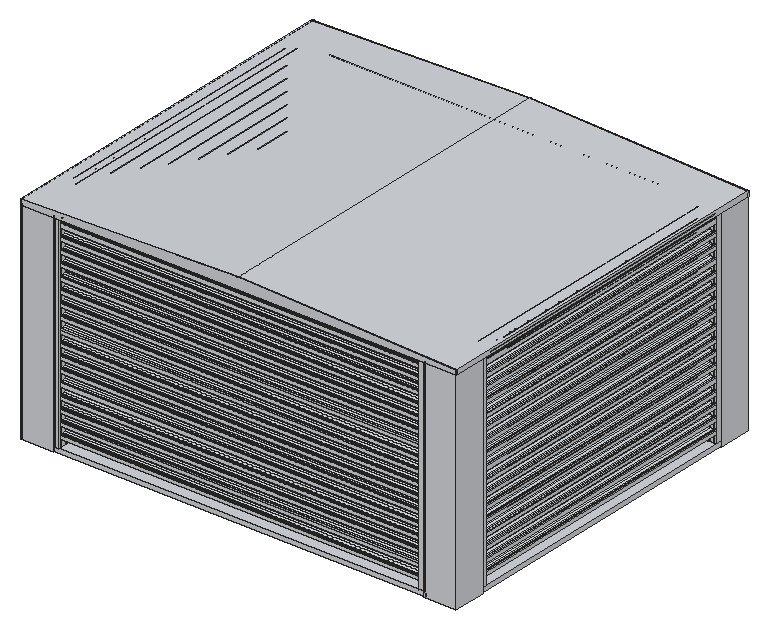
Revit family "PSED-5.1", category Mechanical Equipment, Revit 2015 (continued)
Definition of nested family "DCSED-5.1"
  Definition of nested family "DC BLADE"
    Automatic sketch dimensions
      Extrusion 1 sketch curve to Extrusion 1 sketch curve = 0' - 0.17293"
      Extrusion 1 sketch curve to Extrusion 1 sketch curve = 0' - 0.02468"
      Extrusion 1 sketch curve to Extrusion 1 sketch curve = 0' - 0.11992"
      Extrusion 1 sketch curve to Extrusion 1 sketch curve = 0' - 0.09788"
      Extrusion 1 sketch curve to Extrusion 1 sketch curve = 0' - 0.0923"
      Extrusion 1 sketch curve to Extrusion 1 sketch curve = 0' - 0.03547"
      Extrusion 1 sketch curve to Extrusion 1 sketch curve = 0' - 0.01973"
      Extrusion 1 sketch curve to Extrusion 1 sketch curve = 0' - 0.11788"
      Extrusion 1 sketch curve to Extrusion 1 sketch curve = 0' - 0.00009"
      Extrusion 1 sketch curve to Extrusion 1 sketch curve = 0' - 0.05121"
      Extrusion 1 sketch curve to Extrusion 1 sketch curve = 0' - 0.3683"
      Extrusion 1 sketch curve to Extrusion 1 sketch curve = 0' - 0.10565"
      Extrusion 1 sketch curve to Extrusion 1 sketch curve = 0' - 0.03041"
      Extrusion 1 sketch curve to Extrusion 1 sketch curve = 0' - 0.13789"
      Extrusion 1 sketch curve to Extrusion 1 sketch curve = 0' - 0.03719"
      Extrusion 1 sketch curve to Extrusion 1 sketch curve = 0' - 0.01793"
      Extrusion 1 sketch curve to Extrusion 1 sketch curve = 0' - 0.04202"  (x2)
      Extrusion 1 sketch curve to Extrusion 1 sketch curve = 0' - 0.00338"
      Extrusion 1 sketch curve to Extrusion 1 sketch curve = 0' - 0.07761"
      Extrusion 1 sketch curve to Extrusion 1 sketch curve = 0' - 0.0691"
      Extrusion 1 sketch curve to Extrusion 1 sketch curve = 0' - 0.04044"
      Extrusion 1 sketch curve to Extrusion 1 sketch curve = 0' - 0.03722"
      Extrusion 1 sketch curve to Extrusion 1 sketch curve = 0' - 0.01207"
      Extrusion 1 sketch curve to Extrusion 1 sketch curve = 0' - 0.32353"
      Extrusion 1 sketch curve to Extrusion 1 sketch curve = 0' - 0.02122"
      Extrusion 1 sketch curve to Extrusion 1 sketch curve = 0' - 0.13103"
      Extrusion 1 sketch curve to Extrusion 1 sketch curve = 0' - 0.02197"
      Extrusion 1 sketch curve to Extrusion 1 sketch curve = 0' - 0.07786"
      Extrusion 1 sketch curve to Extrusion 1 sketch curve = 0' - 0.03647"
      Extrusion 1 sketch curve to Extrusion 1 sketch curve = 0' - 0.08038"
      Extrusion 1 sketch curve to Extrusion 1 sketch curve = 0' - 0.02795"
      Extrusion 1 sketch curve to Extrusion 1 sketch curve = 0' - 0.0018"
      Extrusion 1 sketch curve to Extrusion 1 sketch curve = 0' - 0.341"
      Extrusion 1 sketch curve to Extrusion 1 sketch curve = 0' - 0.03828"
      Extrusion 1 sketch curve to Extrusion 1 sketch curve = 0' - 0.03211"
      Extrusion 1 sketch curve to Extrusion 1 sketch curve = 0' - 0.02675"
      Extrusion 1 sketch curve to Extrusion 1 sketch curve = 0' - 0.01461"
      level to Extrusion 1 sketch curve = 0' - 4.85934"
      Extrusion 1 sketch curve to Extrusion 1 sketch curve = 0' - 0.09853"
      Extrusion 1 sketch curve to Extrusion 1 sketch curve = 0' - 0.10686"
      Extrusion 1 sketch curve to Extrusion 1 sketch curve = 0' - 0.24721"
      Extrusion 1 sketch curve to Extrusion 1 sketch curve = 0' - 0.0083"
      Extrusion 1 sketch curve to Extrusion 1 sketch curve = 0' - 0.06553"
      Extrusion 1 sketch curve to Extrusion 1 sketch curve = 0' - 0.12789"
      Extrusion 1 sketch curve to Extrusion 1 sketch curve = 0' - 0.04532"
      Extrusion 1 sketch curve to Extrusion 1 sketch curve = 0' - 0.11554"
      Extrusion 1 sketch curve to Extrusion 1 sketch curve = 0' - 0.32324"
      Extrusion 1 sketch curve to Extrusion 1 sketch curve = 0' - 0.07827"
      Extrusion 1 sketch curve to Extrusion 1 sketch curve = 0' - 0.09271"
      Extrusion 1 sketch curve to Extrusion 1 sketch curve = 0' - 0.082"
      Extrusion 1 sketch curve to Extrusion 1 sketch curve = 0' - 0.18604"
      Extrusion 1 sketch curve to Extrusion 1 sketch curve = 0' - 0.08739"
      Extrusion 1 sketch curve to Extrusion 1 sketch curve = 0' - 0.10382"
      Extrusion 1 sketch curve to Extrusion 1 sketch curve = 0' - 0.07497"
      Extrusion 1 sketch curve to Extrusion 1 sketch curve = 0' - 0.14729"
      Extrusion 1 sketch curve to Extrusion 1 sketch curve = 0' - 0.14321"
      Extrusion 1 sketch curve to Extrusion 1 sketch curve = 0' - 0.0174"
      Extrusion 1 sketch curve to Extrusion 1 sketch curve = 0' - 0.03799"
      Extrusion 1 sketch curve to Extrusion 1 sketch curve = 0' - 0.04246"
      Extrusion 1 sketch curve to Extrusion 1 sketch curve = 0' - 0.05344"
      Extrusion 1 sketch curve to Extrusion 1 sketch curve = 0' - 0.06105"
      Extrusion 1 sketch curve to Extrusion 1 sketch curve = 0' - 0.04853"
      Extrusion 1 sketch curve to Extrusion 1 sketch curve = 0' - 0.04028"
      Extrusion 1 sketch curve to Extrusion 1 sketch curve = 0' - 0.24142"
      Extrusion 1 sketch curve to Extrusion 1 sketch curve = 0' - 0.1056"
      Extrusion 1 sketch curve to Extrusion 1 sketch curve = 0' - 0.06436"
      Extrusion 1 sketch curve to Extrusion 1 sketch curve = 0' - 0.02623"
      Extrusion 1 sketch curve to Extrusion 1 sketch curve = 0' - 0.03981"
      Extrusion 1 sketch curve to Extrusion 1 sketch curve = 0' - 0.04596"
      Extrusion 1 sketch curve to Extrusion 1 sketch curve = 0' - 0.02542"
      Extrusion 1 sketch curve to Extrusion 1 sketch curve = 0' - 0.06773"
      Extrusion 1 sketch curve to Extrusion 1 sketch curve = 0' - 0.10852"
      Extrusion 1 sketch curve to Extrusion 1 sketch curve = 0' - 0.02147"
      Extrusion 1 sketch curve to Extrusion 1 sketch curve = 0' - 0.05443"
      Extrusion 1 sketch curve to Extrusion 1 sketch curve = 0' - 0.06656"
      Extrusion 1 sketch curve to Extrusion 1 sketch curve = 0' - 0.06388"
      Extrusion 1 sketch curve to Extrusion 1 sketch curve = 0' - 0.1049"
      Extrusion 1 sketch curve to Extrusion 1 sketch curve = 0' - 0.05759"
      Extrusion 1 sketch curve to Extrusion 1 sketch curve = 0' - 0.06096"
      Extrusion 1 sketch curve to Extrusion 1 sketch curve = 0' - 0.04978"
      Extrusion 1 sketch curve to Extrusion 1 sketch curve = 0' - 0.09274"
      Extrusion 1 sketch curve to Extrusion 1 sketch curve = 0' - 0.05455"
      Extrusion 1 sketch curve to Extrusion 1 sketch curve = 0' - 0.04394"
      Extrusion 1 sketch curve to Extrusion 1 sketch curve = 0' - 0.04181"
      Extrusion 1 sketch curve to Extrusion 1 sketch curve = 0' - 0.0785"
      Extrusion 1 sketch curve to Extrusion 1 sketch curve = 0' - 0.11783"
      Extrusion 1 sketch curve to Extrusion 1 sketch curve = 0' - 0.06294"
      Extrusion 1 sketch curve to Extrusion 1 sketch curve = 0' - 0.08507"
      Extrusion 1 sketch curve to Extrusion 1 sketch curve = 0' - 0.03276"
      Extrusion 1 sketch curve to Extrusion 1 sketch curve = 0' - 0.03771"
      Extrusion 1 sketch curve to Extrusion 1 sketch curve = 0' - 0.17749"
      Extrusion 1 sketch curve to Extrusion 1 sketch curve = 0' - 0.06003"
      Extrusion 1 sketch curve to Extrusion 1 sketch curve = 0' - 0.04094"
      Extrusion 1 sketch curve to Extrusion 1 sketch curve = 0' - 0.05884"
      Extrusion 1 sketch curve to Extrusion 1 sketch curve = 0' - 0.07715"
      Extrusion 1 sketch curve to Extrusion 1 sketch curve = 0' - 0.07593"
      Extrusion 1 sketch curve to Extrusion 1 sketch curve = 0' - 0.03889"
      Extrusion 1 sketch curve to Extrusion 1 sketch curve = 0' - 0.04691"
      Extrusion 1 sketch curve to Extrusion 1 sketch curve = 0' - 0.05466"
      Extrusion 1 sketch curve to Extrusion 1 sketch curve = 0' - 0.02391"
      Extrusion 1 sketch curve to Extrusion 1 sketch curve = 0' - 0.00698"
      Extrusion 1 sketch curve to Extrusion 1 sketch curve = 0' - 0.07687"
      Extrusion 1 sketch curve to Extrusion 1 sketch curve = 0' - 0.09859"
      Extrusion 1 sketch curve to Extrusion 1 sketch curve = 0' - 0.10619"
      Extrusion 1 sketch curve to Extrusion 1 sketch curve = 0' - 0.01816"
      Extrusion 1 sketch curve to Extrusion 1 sketch curve = 0' - 0.02302"
      Extrusion 1 sketch curve to Extrusion 1 sketch curve = 0' - 0.08945"
      Extrusion 1 sketch curve to Extrusion 1 sketch curve = 0' - 0.01764"
      Extrusion 1 sketch curve to Extrusion 1 sketch curve = 0' - 0.07939"
      Extrusion 1 sketch curve to Extrusion 1 sketch curve = 0' - 0.03604"
      Extrusion 1 sketch curve to Extrusion 1 sketch curve = 0' - 0.05358"
      Extrusion 1 sketch curve to Extrusion 1 sketch curve = 0' - 0.19234"
      Extrusion 1 sketch curve to Extrusion 1 sketch curve = 0' - 0.02932"
      Extrusion 1 sketch curve to Extrusion 1 sketch curve = 0' - 0.11881"
      Extrusion 1 sketch curve to Extrusion 1 sketch curve = 0' - 0.1392"
      Extrusion 1 sketch curve to Extrusion 1 sketch curve = 0' - 0.03017"
      Extrusion 1 sketch curve to Extrusion 1 sketch curve = 0' - 0.40489"
      Extrusion 1 sketch curve to Extrusion 1 sketch curve = 0' - 0.07588"
      Extrusion 1 sketch curve to Extrusion 1 sketch curve = 0' - 0.08997"
      Extrusion 1 sketch curve to Extrusion 1 sketch curve = 0' - 0.06434"
      Extrusion 1 sketch curve to Extrusion 1 sketch curve = 0' - 0.07871"
      Extrusion 1 sketch curve to Extrusion 1 sketch curve = 0' - 0.0549"
      Extrusion 1 sketch curve to Extrusion 1 sketch curve = 0' - 0.04301"
      Extrusion 1 sketch curve to Extrusion 1 sketch curve = 0' - 0.07188"
      Extrusion 1 sketch curve to Extrusion 1 sketch curve = 0' - 0.0457"
      Extrusion 1 sketch curve to Extrusion 1 sketch curve = 0' - 0.04891"
      Extrusion 1 sketch curve to Extrusion 1 sketch curve = 0' - 0.03817"
      Extrusion 1 sketch curve to Extrusion 1 sketch curve = 0' - 0.00942"
      Extrusion 1 sketch curve to Extrusion 1 sketch curve = 0' - 0.05396"
      Extrusion 1 sketch curve to Extrusion 1 sketch curve = 0' - 0.05738"
      Extrusion 1 sketch curve to Extrusion 1 sketch curve = 0' - 0.08863"
      Extrusion 1 sketch curve to Extrusion 1 sketch curve = 0' - 0.07822"
Definition of nested family "Louver 2"
  Parameters (values of type "Louver 2")
    URL = "http://unitedenertech.com/catalog/pdf/A_23%20DCSED-5.1.pdf"
    Type Comments = "Max. Single Section Size is (72\"w x 120\"h up to 60psf) and (72\"w x 84\"h up to 150 psf)"
    Model = "DCSED-5.1"
    Manufacturer = "United Enertech Corporation"
    Exact Width = 4' - 0"
    Exact Height = 4' - 0"
    Description = "5\" Deep Wind Driven Rain Hurricane Louver"
    Depth = 0' - 5 3/32"
    Blade Spacing = 0' - 2"
    Blade Number [instance] = rounddown((Exact Height - 0' 2 7/16") / 0' 2")  # 22
    BW [instance] = Exact Width - 0' 2 1/8"  # 3' - 9 7/8"
  Reference planes (in)
    plane 1 "Center (Front/Back)": y = 0
    plane 2: z = 0
    plane 3 "Center (Left/Right)": x = 0
    plane 4: x = -24
    plane 5: x = 24
    plane 6: z = 48
    plane 7: x = -22.9375
    plane 8: x = 22.9375
    plane 9: z = 0.75
    plane 10: y = 5.09375
    plane 11: z = 46.3209
  Forms (in)
    Extrusion 1, solid
      sketch origin (-6.10759, 42.81218, 0) x (0, 1, 0) y (-1, 0, 0)
        loop
          line (-42.73018, 16.79991) -> (-42.73018, 17.54241) -> (-42.48018, 17.54241) -> (-42.48018, 16.82996) -> (-42.41736, 16.82996) -> (-42.41736, 17.15416) -> (-42.24218, 17.15416) -> (-42.24218, 16.82991) -> (-41.47643, 16.82991) -> (-41.47643, 17.15405) -> (-41.32043, 17.15405) -> (-41.32043, 16.82976) -> (-41.25793, 16.82976) -> (-41.25793, 17.15405) -> (-41.10193, 17.15405) -> (-41.10193, 16.82976) -> (-41.03943, 16.82976) -> (-41.03943, 17.15405) -> (-40.88343, 17.15405) -> (-40.88343, 16.82976) -> (-40.82093, 16.82976) -> (-40.82093, 17.15405) -> (-40.66493, 17.15405) -> (-40.66493, 16.82976) -> (-40.60243, 16.82976) -> (-40.60243, 17.15405) -> (-40.44643, 17.15405) -> (-40.44643, 16.82976) -> (-40.38393, 16.82976) -> (-40.38393, 17.15405) -> (-40.22793, 17.15405) -> (-40.22793, 16.82976) -> (-40.16543, 16.82976) -> (-40.16543, 17.15405) -> (-40.00943, 17.15405) -> (-40.00943, 16.82976) -> (-39.94693, 16.82976) -> (-39.94693, 17.15405) -> (-39.79093, 17.15405) -> (-39.79093, 16.82976) -> (-39.72843, 16.82976) -> (-39.72843, 17.15405) -> (-39.57243, 17.15405) -> (-39.57243, 16.82976) -> (-39.50993, 16.82976) -> (-39.50993, 17.15405) -> (-39.35393, 17.15405) -> (-39.35393, 16.82976) -> (-39.29143, 16.82976) -> (-39.29143, 17.15405) -> (-39.13543, 17.15405) -> (-39.13543, 16.82991) -> (-38.36968, 16.82991) -> (-38.36968, 17.15416) -> (-38.19449, 17.15416) -> (-38.19449, 16.82996) -> (-38.13168, 16.82996) -> (-38.13168, 17.15416) -> (-37.88918, 17.15416) -> (-37.88918, 16.79991) -> (-37.80718, 16.79991) -> (-37.80718, 17.89241) -> (-37.99468, 17.89241) -> (-37.99468, 17.81041) -> (-37.88918, 17.81041) -> (-37.88918, 17.23616) -> (-38.45168, 17.23616) -> (-38.45168, 16.9118) -> (-39.05343, 16.9118) -> (-39.05343, 17.23605) -> (-41.55843, 17.23605) -> (-41.55843, 16.91191) -> (-42.16018, 16.91191) -> (-42.16018, 17.23616) -> (-42.39818, 17.23616) -> (-42.39818, 17.54241) -> (-42.23018, 17.54241) -> (-42.23018, 17.86241) -> (-42.31218, 17.86241) -> (-42.31218, 17.79341) -> (-42.37318, 17.79341) -> (-42.37318, 17.71241) -> (-42.31218, 17.71241) -> (-42.31218, 17.62441) -> (-42.70918, 17.62441) -> (-42.70918, 17.71241) -> (-42.59618, 17.71241) -> (-42.59618, 17.79341) -> (-42.81218, 17.79341) -> (-42.81218, 16.79991) -> (-42.73018, 16.79991)
      from 0.75 to 48
    Extrusion 2, solid
      sketch origin (6.10759, 42.81218, 0) x (0, 1, 0) y (-1, 0, 0)
        loop
          line (-42.73018, -16.79991) -> (-42.81218, -16.79991) -> (-42.81218, -17.79341) -> (-42.59618, -17.79341) -> (-42.59618, -17.71241) -> (-42.70918, -17.71241) -> (-42.70918, -17.62441) -> (-42.31218, -17.62441) -> (-42.31218, -17.71241) -> (-42.37318, -17.71241) -> (-42.37318, -17.79341) -> (-42.31218, -17.79341) -> (-42.31218, -17.86241) -> (-42.23018, -17.86241) -> (-42.23018, -17.54241) -> (-42.39818, -17.54241) -> (-42.39818, -17.23616) -> (-42.16018, -17.23616) -> (-42.16018, -16.91191) -> (-41.55843, -16.91191) -> (-41.55843, -17.23605) -> (-39.05343, -17.23605) -> (-39.05343, -16.9118) -> (-38.45168, -16.9118) -> (-38.45168, -17.23616) -> (-37.88918, -17.23616) -> (-37.88918, -17.81041) -> (-37.99468, -17.81041) -> (-37.99468, -17.89241) -> (-37.80718, -17.89241) -> (-37.80718, -16.79991) -> (-37.88918, -16.79991) -> (-37.88918, -17.15416) -> (-38.13168, -17.15416) -> (-38.13168, -16.82996) -> (-38.19449, -16.82996) -> (-38.19449, -17.15416) -> (-38.36968, -17.15416) -> (-38.36968, -16.82991) -> (-39.13543, -16.82991) -> (-39.13543, -17.15405) -> (-39.29143, -17.15405) -> (-39.29143, -16.82976) -> (-39.35393, -16.82976) -> (-39.35393, -17.15405) -> (-39.50993, -17.15405) -> (-39.50993, -16.82976) -> (-39.57243, -16.82976) -> (-39.57243, -17.15405) -> (-39.72843, -17.15405) -> (-39.72843, -16.82976) -> (-39.79093, -16.82976) -> (-39.79093, -17.15405) -> (-39.94693, -17.15405) -> (-39.94693, -16.82976) -> (-40.00943, -16.82976) -> (-40.00943, -17.15405) -> (-40.16543, -17.15405) -> (-40.16543, -16.82976) -> (-40.22793, -16.82976) -> (-40.22793, -17.15405) -> (-40.38393, -17.15405) -> (-40.38393, -16.82976) -> (-40.44643, -16.82976) -> (-40.44643, -17.15405) -> (-40.60243, -17.15405) -> (-40.60243, -16.82976) -> (-40.66493, -16.82976) -> (-40.66493, -17.15405) -> (-40.82093, -17.15405) -> (-40.82093, -16.82976) -> (-40.88343, -16.82976) -> (-40.88343, -17.15405) -> (-41.03943, -17.15405) -> (-41.03943, -16.82976) -> (-41.10193, -16.82976) -> (-41.10193, -17.15405) -> (-41.25793, -17.15405) -> (-41.25793, -16.82976) -> (-41.32043, -16.82976) -> (-41.32043, -17.15405) -> (-41.47643, -17.15405) -> (-41.47643, -16.82991) -> (-42.24218, -16.82991) -> (-42.24218, -17.15416) -> (-42.41736, -17.15416) -> (-42.41736, -16.82996) -> (-42.48018, -16.82996) -> (-42.48018, -17.54241) -> (-42.73018, -17.54241) -> (-42.73018, -16.79991)
      from 0.75 to 48
    Extrusion 3, solid
      sketch origin (-26.58389, 42.58326, -5.10848) x (0, 1, 0) y (0, 0, 1)
        loop
          line (-37.48951, 8.10848) -> (-37.57151, 8.10848) -> (-37.57151, 5.85848) -> (-42.58326, 5.85848) -> (-42.58326, 5.17748) -> (-42.36726, 5.17748) -> (-42.36726, 5.25848) -> (-42.48026, 5.25848) -> (-42.48026, 5.34648) -> (-42.08326, 5.34648) -> (-42.08326, 5.25848) -> (-42.14426, 5.25848) -> (-42.14426, 5.17748) -> (-42.08326, 5.17748) -> (-42.08326, 5.10848) -> (-42.00126, 5.10848) -> (-42.00126, 5.42848) -> (-42.50126, 5.42848) -> (-42.50126, 5.77648) -> (-37.57151, 5.77648) -> (-37.57151, 5.19048) -> (-37.67701, 5.19048) -> (-37.67701, 5.10848) -> (-37.48951, 5.10848) -> (-37.48951, 8.10848)
      from 2.58389 to 50.58389
    Extrusion 4, solid
      sketch origin (0, -13.03373, 11.15188) x (0, 1, 0) y (0, 0, 1)
        loop
          line (18.04373, 36.84812) -> (17.85623, 36.84812) -> (17.85623, 36.76612) -> (17.96173, 36.76612) -> (17.96173, 35.47325) -> (17.77373, 35.47325) -> (17.28829, 35.75352) -> (17.32598, 35.84449) -> (17.31816, 35.93867) -> (17.26214, 36.00955) -> (17.19338, 36.03718) -> (17.09685, 36.02726) -> (16.90034, 36.18916) -> (16.41745, 36.34694) -> (16.33346, 36.42566) -> (16.21476, 36.52271) -> (16.07706, 36.59693) -> (15.95515, 36.63717) -> (15.83232, 36.65736) -> (15.72266, 36.65736) -> (15.60371, 36.64471) -> (15.4419, 36.59444) -> (15.26243, 36.48818) -> (15.15395, 36.38606) -> (15.03667, 36.25948) -> (14.84451, 36.09187) -> (14.62609, 35.94632) -> (14.56692, 35.92725) -> (14.53085, 35.93806) -> (14.45628, 35.98636) -> (14.31943, 36.05146) -> (14.18483, 36.09021) -> (14.04052, 36.10764) -> (13.86091, 36.10909) -> (13.69791, 36.14893) -> (13.52458, 36.24785) -> (13.39263, 36.38824) -> (13.31585, 36.52721) -> (13.80323, 36.52721) -> (13.80323, 36.84812) -> (13.72123, 36.84812) -> (13.72123, 36.77912) -> (13.66023, 36.77912) -> (13.66023, 36.69812) -> (13.72123, 36.69812) -> (13.72123, 36.61012) -> (13.32423, 36.61012) -> (13.32423, 36.69812) -> (13.43723, 36.69812) -> (13.43723, 36.77912) -> (13.22123, 36.77912) -> (13.22274, 36.55749) -> (13.26662, 36.44391) -> (13.35293, 36.30588) -> (13.47394, 36.18487) -> (13.62086, 36.09374) -> (13.79539, 36.03718) -> (13.95094, 36.02408) -> (14.12475, 36.01858) -> (14.30814, 35.96896) -> (14.43077, 35.90522) -> (14.4574, 35.8591) -> (14.24043, 35.77558) -> (14.05378, 35.70179) -> (13.85981, 35.60044) -> (13.67722, 35.47787) -> (13.51638, 35.34274) -> (13.36799, 35.18846) -> (13.30323, 35.11064) -> (13.30323, 35.64958) -> (13.32536, 35.68828) -> (13.35306, 35.71598) -> (13.30144, 35.7676) -> (13.25438, 35.73327) -> (13.22445, 35.68945) -> (13.22123, 35.57979) -> (13.22123, 34.86262) -> (13.42117, 35.12451) -> (13.59406, 35.2974) -> (13.77486, 35.44764) -> (13.92166, 35.54165) -> (14.0716, 35.61913) -> (14.24521, 35.69049) -> (14.60078, 35.83874) -> (14.85128, 35.99466) -> (15.07703, 36.18422) -> (15.29772, 36.41136) -> (15.51284, 36.53438) -> (15.68029, 36.57374) -> (15.82472, 36.57374) -> (16.0149, 36.53332) -> (16.1814, 36.44617) -> (16.30258, 36.33942) -> (16.36963, 36.27237) -> (16.85685, 36.11691) -> (17.10123, 35.91624) -> (17.15415, 35.95536) -> (17.2276, 35.93124) -> (17.24552, 35.86049) -> (17.21227, 35.81355) -> (17.16249, 35.78481) -> (17.19159, 35.71467) -> (17.75249, 35.39083) -> (17.96173, 35.39083) -> (17.96173, 35.069) -> (17.61878, 35.1609) -> (17.59731, 35.08077) -> (18.04373, 34.96115) -> (18.04373, 36.84812)
      from -22.9375 to 22.9375
  Dimensions and locks (in)
    equal spacing: plane 4, plane 3 "Center (Left/Right)", plane 5
    "Exact Width": plane 4 to plane 5
    "Exact Height": plane 6 to level
    locked: plane 4 to plane 7 at 1.0625
    locked: plane 8 to plane 5 at 1.0625
    locked: plane 9 to level at 0.75
    "Depth": plane 1 "Center (Front/Back)" to plane 10
    locked: plane 6 to plane 11 at 1.6791
    equal spacing: group 1, group 2, group 3, group 4, group 5, group 6, group 7, group 8, group 9, group 10, group 11, group 12, group 13, group 14, group 15, group 16, group 17, group 18, group 19, group 20, group 21, group 22  (x2)
    equal spacing: group 22, group 21, group 20, group 19, group 18, group 17, group 16, group 15, group 14, group 13, group 12, group 11, group 10, group 9, group 8, group 7, group 6, group 5, group 4, group 3, group 2, group 1
    "Blade Spacing": nested 1 to nested 2
    aligned and locked: level to plane 2
    aligned and locked: Extrusion 1 to plane 9
    aligned and locked: Extrusion 2 to plane 9
    aligned and locked: plane 5 to Extrusion 3
    aligned and locked: plane 4 to Extrusion 3
    aligned and locked: plane 6 to Extrusion 4
    aligned and locked: Extrusion 4 to plane 7
    aligned and locked: plane 8 to Extrusion 4
    aligned and locked: plane 6 to Extrusion 1
    aligned and locked: plane 6 to Extrusion 2
    aligned and locked: plane 3 "Center (Left/Right)" to nested 1
    aligned and locked: plane 11 to nested 1
    aligned and locked: nested 2 to nested 1
  Automatic sketch dimensions
    plane 1 "Center (Front/Back)" to Extrusion 1 sketch curve = 0' - 0"
    Extrusion 1 sketch curve to plane 4 = 0' - 0"
    Extrusion 1 sketch curve to plane 1 "Center (Front/Back)" = 0' - 0.082"
    Extrusion 1 sketch curve to Extrusion 1 sketch curve = 0' - 0.021"
    Extrusion 1 sketch curve to Extrusion 1 sketch curve = 0' - 0.113"
    Extrusion 1 sketch curve to Extrusion 1 sketch curve = 0' - 0.116"
    Extrusion 1 sketch curve to Extrusion 1 sketch curve = 0' - 0.06281"  (x2)
    Extrusion 1 sketch curve to Extrusion 1 sketch curve = 0' - 0.082"  (x14)
    Extrusion 1 sketch curve to plane 4 = 0' - 0.099"  (x2)
    Extrusion 1 sketch curve to Extrusion 1 sketch curve = 0' - 0.223"
    Extrusion 1 sketch curve to plane 4 = 0' - 0.03"
    Extrusion 1 sketch curve to Extrusion 1 sketch curve = 0' - 0.061"  (x2)
    Extrusion 1 sketch curve to Extrusion 1 sketch curve = 0' - 0.17519"  (x2)
    Extrusion 1 sketch curve to Extrusion 1 sketch curve = 0' - 0.60175"  (x2)
    Extrusion 1 sketch curve to Extrusion 1 sketch curve = 0' - 0.156"  (x11)
    Extrusion 1 sketch curve to Extrusion 1 sketch curve = 0' - 0 1/16"  (x10)
    Extrusion 1 sketch curve to plane 4 = 0' - 0.082"
    Extrusion 1 sketch curve to Extrusion 1 sketch curve = 0' - 0.137"
    Extrusion 1 sketch curve to Extrusion 1 sketch curve = 0' - 0.2425"
    Extrusion 1 sketch curve to Extrusion 1 sketch curve = 0' - 0"  (x19)
    Extrusion 1 sketch curve to Extrusion 1 sketch curve = 0' - 0.081"  (x2)
    Extrusion 1 sketch curve to Extrusion 1 sketch curve = 0' - 0.088"
    Extrusion 1 sketch curve to Extrusion 1 sketch curve = 0' - 0.30625"
    Extrusion 1 sketch curve to plane 4 = 0' - 0 21/32"
    Extrusion 1 sketch curve to Extrusion 1 sketch curve = 0' - 0.00012"
    Extrusion 1 sketch curve to Extrusion 1 sketch curve = 0' - 0.24225"
    Extrusion 1 sketch curve to Extrusion 1 sketch curve = 0' - 0.24237"
    Extrusion 1 sketch curve to Extrusion 1 sketch curve = 0' - 0 83/256"
    Extrusion 1 sketch curve to Extrusion 1 sketch curve = 0' - 0.08195"
    Extrusion 1 sketch curve to Extrusion 1 sketch curve = 0' - 0.08188"
    Extrusion 1 sketch curve to Extrusion 1 sketch curve = 0' - 0.32429"
    Extrusion 1 sketch curve to Extrusion 1 sketch curve = 0' - 0.00016"
    Extrusion 1 sketch curve to Extrusion 1 sketch curve = 0' - 0.03005"  (x2)
    plane 1 "Center (Front/Back)" to Extrusion 2 sketch curve = 0' - 0"
    Extrusion 2 sketch curve to plane 5 = 0' - 0"
    plane 1 "Center (Front/Back)" to Extrusion 2 sketch curve = 0' - 0.082"
    Extrusion 2 sketch curve to Extrusion 2 sketch curve = 0' - 0.021"
    Extrusion 2 sketch curve to Extrusion 2 sketch curve = 0' - 0.113"
    Extrusion 2 sketch curve to Extrusion 2 sketch curve = 0' - 0.116"
    Extrusion 2 sketch curve to Extrusion 2 sketch curve = 0' - 0.06281"  (x2)
    Extrusion 2 sketch curve to Extrusion 2 sketch curve = 0' - 0.082"  (x14)
    plane 5 to Extrusion 2 sketch curve = 0' - 0.099"  (x2)
    Extrusion 2 sketch curve to Extrusion 2 sketch curve = 0' - 0.223"
    plane 5 to Extrusion 2 sketch curve = 0' - 0.03"
    Extrusion 2 sketch curve to Extrusion 2 sketch curve = 0' - 0.061"  (x2)
    Extrusion 2 sketch curve to Extrusion 2 sketch curve = 0' - 0.17519"  (x2)
    Extrusion 2 sketch curve to Extrusion 2 sketch curve = 0' - 0.60175"  (x2)
    Extrusion 2 sketch curve to Extrusion 2 sketch curve = 0' - 0.156"  (x11)
    Extrusion 2 sketch curve to Extrusion 2 sketch curve = 0' - 0 1/16"  (x10)
    plane 5 to Extrusion 2 sketch curve = 0' - 0.082"
    Extrusion 2 sketch curve to Extrusion 2 sketch curve = 0' - 0.137"
    Extrusion 2 sketch curve to Extrusion 2 sketch curve = 0' - 0.2425"
    Extrusion 2 sketch curve to Extrusion 2 sketch curve = 0' - 0"  (x19)
    Extrusion 2 sketch curve to Extrusion 2 sketch curve = 0' - 0.081"  (x2)
    Extrusion 2 sketch curve to Extrusion 2 sketch curve = 0' - 0.088"
    Extrusion 2 sketch curve to Extrusion 2 sketch curve = 0' - 0.30625"
    plane 5 to Extrusion 2 sketch curve = 0' - 0 21/32"
    Extrusion 2 sketch curve to Extrusion 2 sketch curve = 0' - 0.00012"
    Extrusion 2 sketch curve to Extrusion 2 sketch curve = 0' - 0.24225"
    Extrusion 2 sketch curve to Extrusion 2 sketch curve = 0' - 0.24237"
    Extrusion 2 sketch curve to Extrusion 2 sketch curve = 0' - 0 83/256"
    Extrusion 2 sketch curve to Extrusion 2 sketch curve = 0' - 0.08195"
    Extrusion 2 sketch curve to Extrusion 2 sketch curve = 0' - 0.08188"
    Extrusion 2 sketch curve to Extrusion 2 sketch curve = 0' - 0.32429"
    Extrusion 2 sketch curve to Extrusion 2 sketch curve = 0' - 0.00016"
    Extrusion 2 sketch curve to Extrusion 2 sketch curve = 0' - 0.03005"  (x2)
    Extrusion 3 sketch curve to plane 1 "Center (Front/Back)" = 0' - 0"
    Extrusion 3 sketch curve to Extrusion 3 sketch curve = 0' - 0.082"  (x6)
    Extrusion 3 sketch curve to Extrusion 3 sketch curve = 0' - 0.021"
    Extrusion 3 sketch curve to Extrusion 3 sketch curve = 0' - 0.113"
    Extrusion 3 sketch curve to Extrusion 3 sketch curve = 0' - 0.223"
    Extrusion 3 sketch curve to Extrusion 3 sketch curve = 0' - 0.061"  (x2)
    Extrusion 3 sketch curve to Extrusion 3 sketch curve = 0' - 4.32425"
    Extrusion 3 sketch curve to Extrusion 3 sketch curve = 0' - 0.1055"
    Extrusion 3 sketch curve to Extrusion 3 sketch curve = 0' - 0"  (x2)
    level to Extrusion 3 sketch curve = 0' - 0"  (x2)
    Extrusion 3 sketch curve to Extrusion 3 sketch curve = 0' - 0.069"
    Extrusion 3 sketch curve to Extrusion 3 sketch curve = 0' - 0.081"  (x2)
    Extrusion 3 sketch curve to Extrusion 3 sketch curve = 0' - 0.088"
    Extrusion 3 sketch curve to Extrusion 3 sketch curve = 0' - 0.586"
    Extrusion 3 sketch curve to Extrusion 3 sketch curve = 0' - 2 1/4"
    Extrusion 4 sketch curve to plane 1 "Center (Front/Back)" = 0' - 0 3/16"
    Extrusion 4 sketch curve to Extrusion 4 sketch curve = 0' - 0"  (x2)
    Extrusion 4 sketch curve to Extrusion 4 sketch curve = 0' - 0.00151"
    Extrusion 4 sketch curve to Extrusion 4 sketch curve = 0' - 0.00322"
    Extrusion 4 sketch curve to Extrusion 4 sketch curve = 0' - 0.02993"
    Extrusion 4 sketch curve to Extrusion 4 sketch curve = 0' - 0.04388"
    Extrusion 4 sketch curve to Extrusion 4 sketch curve = 0' - 0.04706"
    Extrusion 4 sketch curve to Extrusion 4 sketch curve = 0' - 0.07878"
    Extrusion 4 sketch curve to Extrusion 4 sketch curve = 0' - 0.04923"
    Extrusion 4 sketch curve to Extrusion 4 sketch curve = 0' - 0.00838"
    Extrusion 4 sketch curve to Extrusion 4 sketch curve = 0' - 0.02213"
    Extrusion 4 sketch curve to Extrusion 4 sketch curve = 0' - 0.0277"  (x2)
    Extrusion 4 sketch curve to Extrusion 4 sketch curve = 0' - 0.06476"
    Extrusion 4 sketch curve to Extrusion 4 sketch curve = 0' - 0.12601"
    Extrusion 4 sketch curve to Extrusion 4 sketch curve = 0' - 0.05318"
    Extrusion 4 sketch curve to Extrusion 4 sketch curve = 0' - 0.113"
    Extrusion 4 sketch curve to Extrusion 4 sketch curve = 0' - 0.14839"
    Extrusion 4 sketch curve to Extrusion 4 sketch curve = 0' - 0.13195"
    Extrusion 4 sketch curve to Extrusion 4 sketch curve = 0' - 0.07768"
    Extrusion 4 sketch curve to Extrusion 4 sketch curve = 0' - 0.09628"
    Extrusion 4 sketch curve to Extrusion 4 sketch curve = 0' - 0.223"
    Extrusion 4 sketch curve to Extrusion 4 sketch curve = 0' - 0.08317"
    Extrusion 4 sketch curve to Extrusion 4 sketch curve = 0' - 0.07705"
    Extrusion 4 sketch curve to Extrusion 4 sketch curve = 0' - 0.061"  (x2)
    Extrusion 4 sketch curve to Extrusion 4 sketch curve = 0' - 0 25/256"
    Extrusion 4 sketch curve to Extrusion 4 sketch curve = 0' - 0.09748"
    Extrusion 4 sketch curve to Extrusion 4 sketch curve = 0' - 0.082"  (x3)
    Extrusion 4 sketch curve to Extrusion 4 sketch curve = 0' - 0.08495"
    Extrusion 4 sketch curve to Extrusion 4 sketch curve = 0' - 0.06552"
    Extrusion 4 sketch curve to Extrusion 4 sketch curve = 0' - 0.06185"
    Extrusion 4 sketch curve to Extrusion 4 sketch curve = 0' - 0.09003"
    Extrusion 4 sketch curve to Extrusion 4 sketch curve = 0' - 0.08959"
    Extrusion 4 sketch curve to Extrusion 4 sketch curve = 0' - 0.13212"
    Extrusion 4 sketch curve to Extrusion 4 sketch curve = 0' - 0.01782"
    Extrusion 4 sketch curve to Extrusion 4 sketch curve = 0' - 0.08423"
    Extrusion 4 sketch curve to Extrusion 4 sketch curve = 0' - 0.06008"
    Extrusion 4 sketch curve to Extrusion 4 sketch curve = 0' - 0.18665"
    Extrusion 4 sketch curve to Extrusion 4 sketch curve = 0' - 0.00478"
    Extrusion 4 sketch curve to Extrusion 4 sketch curve = 0' - 0.12331"
    Extrusion 4 sketch curve to Extrusion 4 sketch curve = 0' - 0.01129"
    Extrusion 4 sketch curve to Extrusion 4 sketch curve = 0' - 0.12263"
    Extrusion 4 sketch curve to Extrusion 4 sketch curve = 0' - 0.02551"
    Extrusion 4 sketch curve to Extrusion 4 sketch curve = 0' - 0.02663"
    Extrusion 4 sketch curve to Extrusion 4 sketch curve = 0' - 0.07456"
    Extrusion 4 sketch curve to Extrusion 4 sketch curve = 0' - 0.03607"
    Extrusion 4 sketch curve to Extrusion 4 sketch curve = 0' - 0.03386"
    Extrusion 4 sketch curve to Extrusion 4 sketch curve = 0' - 0.05917"
    Extrusion 4 sketch curve to Extrusion 4 sketch curve = 0' - 0.21842"
    Extrusion 4 sketch curve to Extrusion 4 sketch curve = 0' - 0.00678"
    Extrusion 4 sketch curve to Extrusion 4 sketch curve = 0' - 0.19216"
    Extrusion 4 sketch curve to Extrusion 4 sketch curve = 0' - 0.04036"
    Extrusion 4 sketch curve to Extrusion 4 sketch curve = 0' - 0.11728"
    Extrusion 4 sketch curve to Extrusion 4 sketch curve = 0' - 0.10848"
    Extrusion 4 sketch curve to Extrusion 4 sketch curve = 0' - 0.03529"
    Extrusion 4 sketch curve to Extrusion 4 sketch curve = 0' - 0.17947"
    Extrusion 4 sketch curve to Extrusion 4 sketch curve = 0' - 0.07094"
    Extrusion 4 sketch curve to Extrusion 4 sketch curve = 0' - 0.09086"
    Extrusion 4 sketch curve to Extrusion 4 sketch curve = 0' - 0.07658"
    Extrusion 4 sketch curve to Extrusion 4 sketch curve = 0' - 0.04238"
    Extrusion 4 sketch curve to Extrusion 4 sketch curve = 0' - 0.10206"
    Extrusion 4 sketch curve to Extrusion 4 sketch curve = 0' - 0.0076"
    Extrusion 4 sketch curve to Extrusion 4 sketch curve = 0' - 0.12283"
    Extrusion 4 sketch curve to Extrusion 4 sketch curve = 0' - 0.05975"
    Extrusion 4 sketch curve to Extrusion 4 sketch curve = 0' - 0.06216"
    Extrusion 4 sketch curve to Extrusion 4 sketch curve = 0' - 0.10434"
    Extrusion 4 sketch curve to Extrusion 4 sketch curve = 0' - 0.03336"
    Extrusion 4 sketch curve to Extrusion 4 sketch curve = 0' - 0.12118"
    Extrusion 4 sketch curve to Extrusion 4 sketch curve = 0' - 0.03088"
    Extrusion 4 sketch curve to Extrusion 4 sketch curve = 0' - 0.06705"  (x2)
    Extrusion 4 sketch curve to Extrusion 4 sketch curve = 0' - 0.04783"
    Extrusion 4 sketch curve to Extrusion 4 sketch curve = 0' - 0.4394"
    Extrusion 4 sketch curve to Extrusion 4 sketch curve = 0' - 0.04349"
    Extrusion 4 sketch curve to Extrusion 4 sketch curve = 0' - 0.19651"
    Extrusion 4 sketch curve to Extrusion 4 sketch curve = 0' - 0.00438"
    Extrusion 4 sketch curve to Extrusion 4 sketch curve = 0' - 0.05292"
    Extrusion 4 sketch curve to Extrusion 4 sketch curve = 0' - 0.06126"
    Extrusion 4 sketch curve to Extrusion 4 sketch curve = 0' - 0.0291"
    Extrusion 4 sketch curve to Extrusion 4 sketch curve = 0' - 0.03923"
    Extrusion 4 sketch curve to Extrusion 4 sketch curve = 0' - 0.04978"
    Extrusion 4 sketch curve to Extrusion 4 sketch curve = 0' - 0.07344"
    Extrusion 4 sketch curve to Extrusion 4 sketch curve = 0' - 0.03325"
    Extrusion 4 sketch curve to Extrusion 4 sketch curve = 0' - 0.06875"
    Extrusion 4 sketch curve to Extrusion 4 sketch curve = 0' - 0.07603"
    Extrusion 4 sketch curve to Extrusion 4 sketch curve = 0' - 0.05603"
    Extrusion 4 sketch curve to Extrusion 4 sketch curve = 0' - 0.08046"
    Extrusion 4 sketch curve to Extrusion 4 sketch curve = 0' - 0.30901"
    Extrusion 4 sketch curve to plane 6 = 0' - 1.68722"
    Extrusion 4 sketch curve to Extrusion 4 sketch curve = 0' - 0.02147"
    Extrusion 4 sketch curve to Extrusion 4 sketch curve = 0' - 0.13371"
    Extrusion 4 sketch curve to Extrusion 4 sketch curve = 0' - 0.02124"
    Extrusion 4 sketch curve to Extrusion 4 sketch curve = 0' - 0.59409"
    Extrusion 4 sketch curve to Extrusion 4 sketch curve = 0' - 0.188"
    Extrusion 4 sketch curve to Extrusion 4 sketch curve = 0' - 0.03639"
    Extrusion 4 sketch curve to Extrusion 4 sketch curve = 0' - 0.01387"
    Extrusion 4 sketch curve to Extrusion 4 sketch curve = 0' - 0.08013"
    Extrusion 4 sketch curve to Extrusion 4 sketch curve = 0' - 0.24802"
    Extrusion 4 sketch curve to Extrusion 4 sketch curve = 0' - 0.06395"
    Extrusion 4 sketch curve to Extrusion 4 sketch curve = 0' - 0.17289"
    Extrusion 4 sketch curve to Extrusion 4 sketch curve = 0' - 0.04534"
    Extrusion 4 sketch curve to Extrusion 4 sketch curve = 0' - 0.32183"
    Extrusion 4 sketch curve to Extrusion 4 sketch curve = 0' - 0.15024"
    Extrusion 4 sketch curve to Extrusion 4 sketch curve = 0' - 0.08242"
    Extrusion 4 sketch curve to Extrusion 4 sketch curve = 0' - 0.03023"
    Extrusion 4 sketch curve to Extrusion 4 sketch curve = 0' - 0.09401"
    Extrusion 4 sketch curve to Extrusion 4 sketch curve = 0' - 0.23705"
    Extrusion 4 sketch curve to Extrusion 4 sketch curve = 0' - 0.05879"
    Extrusion 4 sketch curve to Extrusion 4 sketch curve = 0' - 0.07748"
    Extrusion 4 sketch curve to Extrusion 4 sketch curve = 0' - 0.06979"
    Extrusion 4 sketch curve to Extrusion 4 sketch curve = 0' - 0.0387"
    Extrusion 4 sketch curve to Extrusion 4 sketch curve = 0' - 0.03986"
    Extrusion 4 sketch curve to Extrusion 4 sketch curve = 0' - 0.07136"
    Extrusion 4 sketch curve to Extrusion 4 sketch curve = 0' - 0.08266"
    Extrusion 4 sketch curve to Extrusion 4 sketch curve = 0' - 0.24142"
    Extrusion 4 sketch curve to Extrusion 4 sketch curve = 0' - 0.04382"
    Extrusion 4 sketch curve to Extrusion 4 sketch curve = 0' - 0.03885"
    Extrusion 4 sketch curve to Extrusion 4 sketch curve = 0' - 0.08509"
    Extrusion 4 sketch curve to Extrusion 4 sketch curve = 0' - 0.07014"
    Extrusion 4 sketch curve to Extrusion 4 sketch curve = 0' - 0.02874"
    Extrusion 4 sketch curve to Extrusion 4 sketch curve = 0' - 0.06316"
    Extrusion 4 sketch curve to Extrusion 4 sketch curve = 0' - 0.09097"
    Extrusion 4 sketch curve to Extrusion 4 sketch curve = 0' - 0.02036"
    Extrusion 4 sketch curve to Extrusion 4 sketch curve = 0' - 0.04693"
    Extrusion 4 sketch curve to Extrusion 4 sketch curve = 0' - 0.04612"
    Extrusion 4 sketch curve to Extrusion 4 sketch curve = 0' - 0.13143"
    Extrusion 4 sketch curve to Extrusion 4 sketch curve = 0' - 0.08851"
    Extrusion 4 sketch curve to Extrusion 4 sketch curve = 0' - 0.07075"
    Extrusion 4 sketch curve to Extrusion 4 sketch curve = 0' - 0.01081"
    Extrusion 4 sketch curve to Extrusion 4 sketch curve = 0' - 0.00743"
    Extrusion 4 sketch curve to Extrusion 4 sketch curve = 0' - 0.01908"
    Extrusion 4 sketch curve to Extrusion 4 sketch curve = 0' - 0.03912"
    Extrusion 4 sketch curve to Extrusion 4 sketch curve = 0' - 0.06374"
    Extrusion 4 sketch curve to Extrusion 4 sketch curve = 0' - 0.08114"
    Extrusion 4 sketch curve to Extrusion 4 sketch curve = 0' - 0.04833"
    Extrusion 4 sketch curve to Extrusion 4 sketch curve = 0' - 0.07832"
    Extrusion 4 sketch curve to Extrusion 4 sketch curve = 0' - 0.04962"
    Extrusion 4 sketch curve to Extrusion 4 sketch curve = 0' - 0.0055"
    Extrusion 4 sketch curve to Extrusion 4 sketch curve = 0' - 0.07189"
    Extrusion 4 sketch curve to Extrusion 4 sketch curve = 0' - 0.02762"
    Extrusion 4 sketch curve to Extrusion 4 sketch curve = 0' - 0.0131"
    Extrusion 4 sketch curve to Extrusion 4 sketch curve = 0' - 0.0825"
    Extrusion 4 sketch curve to Extrusion 4 sketch curve = 0' - 0.07164"
    Extrusion 4 sketch curve to Extrusion 4 sketch curve = 0' - 0.09722"
    Extrusion 4 sketch curve to Extrusion 4 sketch curve = 0' - 0.05656"
    Extrusion 4 sketch curve to Extrusion 4 sketch curve = 0' - 0.08356"
    Extrusion 4 sketch curve to Extrusion 4 sketch curve = 0' - 0.0719"
    Extrusion 4 sketch curve to Extrusion 4 sketch curve = 0' - 0.08965"
    Extrusion 4 sketch curve to Extrusion 4 sketch curve = 0' - 0.0552"
    Extrusion 4 sketch curve to Extrusion 4 sketch curve = 0' - 0.09235"
    Extrusion 4 sketch curve to Extrusion 4 sketch curve = 0' - 0.07225"
    Extrusion 4 sketch curve to Extrusion 4 sketch curve = 0' - 0.15411"
    Extrusion 4 sketch curve to Extrusion 4 sketch curve = 0' - 0.07526"
    Extrusion 4 sketch curve to Extrusion 4 sketch curve = 0' - 0.15546"
    Extrusion 4 sketch curve to Extrusion 4 sketch curve = 0' - 0.07457"
    Extrusion 4 sketch curve to Extrusion 4 sketch curve = 0' - 0.12658"
    Extrusion 4 sketch curve to Extrusion 4 sketch curve = 0' - 0.14039"
    Extrusion 4 sketch curve to Extrusion 4 sketch curve = 0' - 0.02529"
    Extrusion 4 sketch curve to Extrusion 4 sketch curve = 0' - 0.08624"
    Extrusion 4 sketch curve to Extrusion 4 sketch curve = 0' - 0.05567"
    Extrusion 4 sketch curve to Extrusion 4 sketch curve = 0' - 0.02051"
    Extrusion 4 sketch curve to Extrusion 4 sketch curve = 0' - 0.07682"
    Extrusion 4 sketch curve to Extrusion 4 sketch curve = 0' - 0.07654"
    Extrusion 4 sketch curve to Extrusion 4 sketch curve = 0' - 0.37827"
    Extrusion 4 sketch curve to Extrusion 4 sketch curve = 0' - 0.08715"
    Extrusion 4 sketch curve to Extrusion 4 sketch curve = 0' - 0.12303"
    Extrusion 4 sketch curve to Extrusion 4 sketch curve = 0' - 0.03028"
    Extrusion 4 sketch curve to Extrusion 4 sketch curve = 0' - 0.04042"
    Extrusion 4 sketch curve to Extrusion 4 sketch curve = 0' - 0.06005"
    Extrusion 4 sketch curve to Extrusion 4 sketch curve = 0' - 0.06361"
    Extrusion 4 sketch curve to Extrusion 4 sketch curve = 0' - 0.08291"
    Extrusion 4 sketch curve to Extrusion 4 sketch curve = 0' - 0.10385"
    Extrusion 4 sketch curve to Extrusion 4 sketch curve = 0' - 0.07097"
    Extrusion 4 sketch curve to Extrusion 4 sketch curve = 0' - 0.08362"
    Extrusion 4 sketch curve to Extrusion 4 sketch curve = 0' - 0.088"  (x2)
    Extrusion 4 sketch curve to Extrusion 4 sketch curve = 0' - 0.75657"
    Extrusion 4 sketch curve to Extrusion 4 sketch curve = 0' - 0.081"  (x2)
    Extrusion 4 sketch curve to Extrusion 4 sketch curve = 0' - 0.069"
    Extrusion 4 sketch curve to Extrusion 4 sketch curve = 0' - 0.0397"
    Extrusion 4 sketch curve to Extrusion 4 sketch curve = 0' - 0.05064"
    Extrusion 4 sketch curve to Extrusion 4 sketch curve = 0' - 0.06298"
    Extrusion 4 sketch curve to Extrusion 4 sketch curve = 0' - 0.08236"
  Nested families (in)
    nested 1: "DC BLADE" at (0, 0.27409, 39.18024), type "DC BLADE"
      with Blade Width 3' - 9 7/8"
    nested 2: "DC BLADE" at (0, 0.27409, 37.18024), type "DC BLADE"
      with Blade Width 3' - 9 7/8"
    nested 3: "DC BLADE" at (0, 0.27409, 35.18024), type "DC BLADE"
      with Blade Width 3' - 9 7/8"
    nested 4: "DC BLADE" at (0, 0.27409, 33.18024), type "DC BLADE"
      with Blade Width 3' - 9 7/8"
    nested 5: "DC BLADE" at (0, 0.27409, 31.18024), type "DC BLADE"
      with Blade Width 3' - 9 7/8"
    nested 6: "DC BLADE" at (0, 0.27409, 29.18024), type "DC BLADE"
      with Blade Width 3' - 9 7/8"
    nested 7: "DC BLADE" at (0, 0.27409, 27.18024), type "DC BLADE"
      with Blade Width 3' - 9 7/8"
    nested 8: "DC BLADE" at (0, 0.27409, 25.18024), type "DC BLADE"
      with Blade Width 3' - 9 7/8"
    nested 9: "DC BLADE" at (0, 0.27409, 23.18024), type "DC BLADE"
      with Blade Width 3' - 9 7/8"
    nested 10: "DC BLADE" at (0, 0.27409, 21.18024), type "DC BLADE"
      with Blade Width 3' - 9 7/8"
    nested 11: "DC BLADE" at (0, 0.27409, 19.18024), type "DC BLADE"
      with Blade Width 3' - 9 7/8"
    nested 12: "DC BLADE" at (0, 0.27409, 17.18024), type "DC BLADE"
      with Blade Width 3' - 9 7/8"
    nested 13: "DC BLADE" at (0, 0.27409, 15.18024), type "DC BLADE"
      with Blade Width 3' - 9 7/8"
    nested 14: "DC BLADE" at (0, 0.27409, 13.18024), type "DC BLADE"
      with Blade Width 3' - 9 7/8"
    nested 15: "DC BLADE" at (0, 0.27409, 11.18024), type "DC BLADE"
      with Blade Width 3' - 9 7/8"
    nested 16: "DC BLADE" at (0, 0.27409, 9.18024), type "DC BLADE"
      with Blade Width 3' - 9 7/8"
    nested 17: "DC BLADE" at (0, 0.27409, 7.18024), type "DC BLADE"
      with Blade Width 3' - 9 7/8"
    nested 18: "DC BLADE" at (0, 0.27409, 5.18024), type "DC BLADE"
      with Blade Width 3' - 9 7/8"
    nested 19: "DC BLADE" at (0, 0.27409, 3.18024), type "DC BLADE"
      with Blade Width 3' - 9 7/8"
    nested 20: "DC BLADE" at (0, 0.27409, 1.18024), type "DC BLADE"
      with Blade Width 3' - 9 7/8"
    nested 21: "DC BLADE" at (0, 0.27409, -0.81976), type "DC BLADE"
      with Blade Width 3' - 9 7/8"
    nested 22: "DC BLADE" at (0, 0.27409, -2.81976), type "DC BLADE"
      with Blade Width 3' - 9 7/8"
  Definition of nested family "DC BLADE"
    Parameters (values of type "DC BLADE")
      Blade Width = 1' - 0"
    Reference planes (in)
      plane 1 "Center (Front/Back)": y = 0
      plane 2: z = 0
      plane 3 "Center (Left/Right)": x = 0
      plane 4: x = -6
      plane 5: x = 6
    Forms (in)
      Extrusion 1, solid
        sketch origin (-3.11145, -1.95878, 3.60224) x (0, 1, 0) y (0, 0, 1)
          loop
            line (1.87219, 1.87187) -> (1.87219, 1.2571) -> (2.06672, 1.51261) -> (2.18499, 1.6405) -> (2.31306, 1.75604) -> (2.43525, 1.84874) -> (2.57262, 1.93614) -> (2.71602, 2.01111) -> (2.86084, 2.07216) -> (3.1674, 2.18068) -> (3.39621, 2.28558) -> (3.68569, 2.45682) -> (3.93298, 2.63431) -> (4.08397, 2.71024) -> (4.24018, 2.75715) -> (4.38522, 2.77603) -> (4.46413, 2.77603) -> (4.56111, 2.76905) -> (4.68135, 2.74514) -> (4.79695, 2.70625) -> (4.96988, 2.62734) -> (5.33818, 2.50951) -> (5.70649, 2.39168) -> (5.84437, 2.34774) -> (5.89473, 2.29796) -> (5.89134, 2.24038) -> (5.84933, 2.19836) -> (5.81213, 2.17689) -> (5.84254, 2.10916) -> (6.40272, 1.78574) -> (6.61269, 1.78574) -> (6.61269, 1.4625) -> (6.27169, 1.55387) -> (6.25047, 1.47467) -> (6.69469, 1.35564) -> (6.69469, 2.05302) -> (6.68008, 2.11738) -> (6.65333, 2.15607) -> (6.62122, 2.18149) -> (6.53903, 2.2222) -> (6.50255, 2.14855) -> (6.58294, 2.10874) -> (6.61089, 2.06846) -> (6.61269, 2.01503) -> (6.61269, 1.86774) -> (6.42469, 1.86774) -> (5.92694, 2.15512) -> (5.96738, 2.20954) -> (5.98069, 2.27342) -> (5.96862, 2.33439) -> (5.9314, 2.38893) -> (5.8623, 2.43074) -> (5.38931, 2.65461) -> (5.18474, 2.82884) -> (5.03354, 3.00302) -> (4.9484, 3.15114) -> (4.849, 3.32051) -> (4.75855, 3.42333) -> (4.64559, 3.49207) -> (4.54543, 3.52673) -> (4.48103, 3.53842) -> (4.36563, 3.53842) -> (4.22062, 3.50816) -> (4.11167, 3.45399) -> (4.02449, 3.3907) -> (4.06163, 3.32637) -> (4.18646, 3.40508) -> (4.30991, 3.45078) -> (4.3715, 3.4602) -> (4.47693, 3.36623) -> (4.45176, 3.42113) -> (4.46338, 3.45929) -> (4.56233, 3.4381) -> (4.68049, 3.38031) -> (4.77113, 3.29034) -> (4.91362, 3.03234) -> (5.09244, 2.81068) -> (5.23994, 2.67324) -> (5.33809, 2.59458) -> (5.22022, 2.6323) -> (4.99457, 2.70449) -> (4.82295, 2.78312) -> (4.65605, 2.83459) -> (4.51347, 2.85541) -> (4.39666, 2.85541) -> (4.30036, 2.84949) -> (4.19906, 2.83185) -> (4.23185, 2.92148) -> (4.17437, 2.86789) -> (4.11913, 2.80883) -> (4.00568, 2.7649) -> (3.87448, 2.69315) -> (3.63447, 2.51976) -> (3.39896, 2.37832) -> (3.11473, 2.24724) -> (2.75125, 2.11671) -> (2.44263, 1.95256) -> (2.27933, 1.83431) -> (2.11431, 1.68582) -> (2.01481, 1.57814) -> (1.95419, 1.50431) -> (1.95419, 2.01507) -> (1.98008, 2.05754) -> (2.00615, 2.0836) -> (1.95175, 2.13229) -> (1.91264, 2.10606) -> (1.87219, 2.03247) -> (1.87219, 1.87187)
        from -2.88855 to 9.11145
    Dimensions and locks (in)
      equal spacing: plane 4, plane 3 "Center (Left/Right)", plane 5
      "Blade Width": plane 4 to plane 5
      aligned and locked: level to plane 2
      aligned and locked: plane 4 to Extrusion 1
      aligned and locked: plane 5 to Extrusion 1
    Automatic sketch dimensions
      plane 1 "Center (Front/Back)" to Extrusion 1 sketch curve = 0' - 0.08659"
      plane 1 "Center (Front/Back)" to Extrusion 1 sketch curve = 0' - 0.04613"
      plane 1 "Center (Front/Back)" to Extrusion 1 sketch curve = 0' - 0.00703"
      plane 1 "Center (Front/Back)" to Extrusion 1 sketch curve = 0' - 0.00459"
      Extrusion 1 sketch curve to plane 1 "Center (Front/Back)" = 0' - 0.0213"
      Extrusion 1 sketch curve to Extrusion 1 sketch curve = 0' - 0.02607"  (x2)
      Extrusion 1 sketch curve to plane 1 "Center (Front/Back)" = 0' - 0.05603"
      Extrusion 1 sketch curve to Extrusion 1 sketch curve = 0' - 0.05191"
      Extrusion 1 sketch curve to Extrusion 1 sketch curve = 0' - 0.09949"
      Extrusion 1 sketch curve to Extrusion 1 sketch curve = 0' - 0.07069"
      Extrusion 1 sketch curve to Extrusion 1 sketch curve = 0' - 0.09434"
      Extrusion 1 sketch curve to Extrusion 1 sketch curve = 0' - 0.03373"
      Extrusion 1 sketch curve to Extrusion 1 sketch curve = 0' - 0.12219"
      Extrusion 1 sketch curve to Extrusion 1 sketch curve = 0' - 0.00738"
      Extrusion 1 sketch curve to Extrusion 1 sketch curve = 0' - 0.12999"
      Extrusion 1 sketch curve to Extrusion 1 sketch curve = 0' - 0.1434"
      Extrusion 1 sketch curve to Extrusion 1 sketch curve = 0' - 0.03523"
      Extrusion 1 sketch curve to Extrusion 1 sketch curve = 0' - 0.10959"
      Extrusion 1 sketch curve to Extrusion 1 sketch curve = 0' - 0 65/256"
      Extrusion 1 sketch curve to Extrusion 1 sketch curve = 0' - 0.05267"
      Extrusion 1 sketch curve to Extrusion 1 sketch curve = 0' - 0.22882"
      Extrusion 1 sketch curve to Extrusion 1 sketch curve = 0' - 0.00275"
      Extrusion 1 sketch curve to Extrusion 1 sketch curve = 0' - 0.23551"
      Extrusion 1 sketch curve to Extrusion 1 sketch curve = 0' - 0.05122"
      Extrusion 1 sketch curve to Extrusion 1 sketch curve = 0' - 0.24001"
      Extrusion 1 sketch curve to Extrusion 1 sketch curve = 0' - 0.0585"
      Extrusion 1 sketch curve to Extrusion 1 sketch curve = 0' - 0.0727"
      Extrusion 1 sketch curve to Extrusion 1 sketch curve = 0' - 0.0188"
      Extrusion 1 sketch curve to Extrusion 1 sketch curve = 0' - 0.03714"
      Extrusion 1 sketch curve to Extrusion 1 sketch curve = 0' - 0.07829"
      Extrusion 1 sketch curve to Extrusion 1 sketch curve = 0' - 0.08718"
      Extrusion 1 sketch curve to Extrusion 1 sketch curve = 0' - 0 9/256"
      Extrusion 1 sketch curve to Extrusion 1 sketch curve = 0' - 0.05523"
      Extrusion 1 sketch curve to Extrusion 1 sketch curve = 0' - 0.07479"
      Extrusion 1 sketch curve to Extrusion 1 sketch curve = 0' - 0.0247"
      Extrusion 1 sketch curve to Extrusion 1 sketch curve = 0' - 0.03415"
      Extrusion 1 sketch curve to Extrusion 1 sketch curve = 0' - 0.05749"
      Extrusion 1 sketch curve to Extrusion 1 sketch curve = 0' - 0.04111"
      Extrusion 1 sketch curve to Extrusion 1 sketch curve = 0' - 0.0685"
      Extrusion 1 sketch curve to Extrusion 1 sketch curve = 0' - 0.08929"
      Extrusion 1 sketch curve to Extrusion 1 sketch curve = 0' - 0.05572"
      Extrusion 1 sketch curve to Extrusion 1 sketch curve = 0' - 0.0616"
      Extrusion 1 sketch curve to Extrusion 1 sketch curve = 0' - 0.08486"
      Extrusion 1 sketch curve to Extrusion 1 sketch curve = 0' - 0.01145"
      Extrusion 1 sketch curve to Extrusion 1 sketch curve = 0' - 0.08026"
      Extrusion 1 sketch curve to Extrusion 1 sketch curve = 0' - 0.01162"
      Extrusion 1 sketch curve to Extrusion 1 sketch curve = 0' - 0.07891"  (x2)
      Extrusion 1 sketch curve to Extrusion 1 sketch curve = 0' - 0.02517"
      Extrusion 1 sketch curve to Extrusion 1 sketch curve = 0' - 0.01765"
      Extrusion 1 sketch curve to Extrusion 1 sketch curve = 0' - 0.04935"
      Extrusion 1 sketch curve to Extrusion 1 sketch curve = 0' - 0.0644"
      Extrusion 1 sketch curve to Extrusion 1 sketch curve = 0' - 0.09698"
      Extrusion 1 sketch curve to Extrusion 1 sketch curve = 0' - 0.01691"
      Extrusion 1 sketch curve to Extrusion 1 sketch curve = 0' - 0.08326"
      Extrusion 1 sketch curve to Extrusion 1 sketch curve = 0' - 0.09494"
      Extrusion 1 sketch curve to Extrusion 1 sketch curve = 0' - 0.0349"
      Extrusion 1 sketch curve to Extrusion 1 sketch curve = 0' - 0.0253"
      Extrusion 1 sketch curve to Extrusion 1 sketch curve = 0' - 0.07806"
      Extrusion 1 sketch curve to Extrusion 1 sketch curve = 0' - 0.09064"
      Extrusion 1 sketch curve to Extrusion 1 sketch curve = 0' - 0.1156"
      Extrusion 1 sketch curve to Extrusion 1 sketch curve = 0' - 0.026"
      Extrusion 1 sketch curve to Extrusion 1 sketch curve = 0' - 0.07787"
      Extrusion 1 sketch curve to Extrusion 1 sketch curve = 0' - 0.09067"
      Extrusion 1 sketch curve to Extrusion 1 sketch curve = 0' - 0.03478"
      Extrusion 1 sketch curve to Extrusion 1 sketch curve = 0' - 0.17293"
      Extrusion 1 sketch curve to Extrusion 1 sketch curve = 0' - 0.02468"
      Extrusion 1 sketch curve to Extrusion 1 sketch curve = 0' - 0.11992"
      Extrusion 1 sketch curve to Extrusion 1 sketch curve = 0' - 0.09788"
      Extrusion 1 sketch curve to Extrusion 1 sketch curve = 0' - 0.0923"
      Extrusion 1 sketch curve to Extrusion 1 sketch curve = 0' - 0.03547"
      Extrusion 1 sketch curve to Extrusion 1 sketch curve = 0' - 0.01973"
      Extrusion 1 sketch curve to Extrusion 1 sketch curve = 0' - 0.11788"
      Extrusion 1 sketch curve to Extrusion 1 sketch curve = 0' - 0.00009"
      Extrusion 1 sketch curve to Extrusion 1 sketch curve = 0' - 0.05121"
      Extrusion 1 sketch curve to Extrusion 1 sketch curve = 0' - 0.3683"
      Extrusion 1 sketch curve to Extrusion 1 sketch curve = 0' - 0.10565"
      Extrusion 1 sketch curve to Extrusion 1 sketch curve = 0' - 0.03041"
      Extrusion 1 sketch curve to Extrusion 1 sketch curve = 0' - 0.13789"
      Extrusion 1 sketch curve to Extrusion 1 sketch curve = 0' - 0.03719"
      Extrusion 1 sketch curve to Extrusion 1 sketch curve = 0' - 0.01793"
      Extrusion 1 sketch curve to Extrusion 1 sketch curve = 0' - 0.04202"  (x2)
      Extrusion 1 sketch curve to Extrusion 1 sketch curve = 0' - 0.00338"
      Extrusion 1 sketch curve to Extrusion 1 sketch curve = 0' - 0.07761"
      Extrusion 1 sketch curve to Extrusion 1 sketch curve = 0' - 0.0691"
      Extrusion 1 sketch curve to Extrusion 1 sketch curve = 0' - 0.04044"
      Extrusion 1 sketch curve to Extrusion 1 sketch curve = 0' - 0.03722"
      Extrusion 1 sketch curve to Extrusion 1 sketch curve = 0' - 0.01207"
      Extrusion 1 sketch curve to Extrusion 1 sketch curve = 0' - 0.32353"
      Extrusion 1 sketch curve to Extrusion 1 sketch curve = 0' - 0.02122"
      Extrusion 1 sketch curve to Extrusion 1 sketch curve = 0' - 0.13103"
      Extrusion 1 sketch curve to Extrusion 1 sketch curve = 0' - 0.02197"
      Extrusion 1 sketch curve to Extrusion 1 sketch curve = 0' - 0.07786"
      Extrusion 1 sketch curve to Extrusion 1 sketch curve = 0' - 0.03647"
      Extrusion 1 sketch curve to Extrusion 1 sketch curve = 0' - 0.08038"
      Extrusion 1 sketch curve to Extrusion 1 sketch curve = 0' - 0.02795"
      Extrusion 1 sketch curve to Extrusion 1 sketch curve = 0' - 0.0018"
      Extrusion 1 sketch curve to Extrusion 1 sketch curve = 0' - 0.341"
      Extrusion 1 sketch curve to Extrusion 1 sketch curve = 0' - 0.03828"
      Extrusion 1 sketch curve to Extrusion 1 sketch curve = 0' - 0.03211"
      Extrusion 1 sketch curve to Extrusion 1 sketch curve = 0' - 0.02675"
      Extrusion 1 sketch curve to Extrusion 1 sketch curve = 0' - 0.01461"
      level to Extrusion 1 sketch curve = 0' - 4.85934"
      Extrusion 1 sketch curve to Extrusion 1 sketch curve = 0' - 0.09853"
      Extrusion 1 sketch curve to Extrusion 1 sketch curve = 0' - 0.10686"
      Extrusion 1 sketch curve to Extrusion 1 sketch curve = 0' - 0.24721"
      Extrusion 1 sketch curve to Extrusion 1 sketch curve = 0' - 0.0083"
      Extrusion 1 sketch curve to Extrusion 1 sketch curve = 0' - 0.06553"
      Extrusion 1 sketch curve to Extrusion 1 sketch curve = 0' - 0.12789"
      Extrusion 1 sketch curve to Extrusion 1 sketch curve = 0' - 0.04532"
      Extrusion 1 sketch curve to Extrusion 1 sketch curve = 0' - 0.11554"
      Extrusion 1 sketch curve to Extrusion 1 sketch curve = 0' - 0.32324"
      Extrusion 1 sketch curve to Extrusion 1 sketch curve = 0' - 0.07827"
      Extrusion 1 sketch curve to Extrusion 1 sketch curve = 0' - 0.09271"
      Extrusion 1 sketch curve to Extrusion 1 sketch curve = 0' - 0.082"
      Extrusion 1 sketch curve to Extrusion 1 sketch curve = 0' - 0.18604"
      Extrusion 1 sketch curve to Extrusion 1 sketch curve = 0' - 0.08739"
      Extrusion 1 sketch curve to Extrusion 1 sketch curve = 0' - 0.10382"
      Extrusion 1 sketch curve to Extrusion 1 sketch curve = 0' - 0.07497"
      Extrusion 1 sketch curve to Extrusion 1 sketch curve = 0' - 0.14729"
      Extrusion 1 sketch curve to Extrusion 1 sketch curve = 0' - 0.14321"
      Extrusion 1 sketch curve to Extrusion 1 sketch curve = 0' - 0.0174"
      Extrusion 1 sketch curve to Extrusion 1 sketch curve = 0' - 0.03799"
      Extrusion 1 sketch curve to Extrusion 1 sketch curve = 0' - 0.04246"
      Extrusion 1 sketch curve to Extrusion 1 sketch curve = 0' - 0.05344"
      Extrusion 1 sketch curve to Extrusion 1 sketch curve = 0' - 0.06105"
      Extrusion 1 sketch curve to Extrusion 1 sketch curve = 0' - 0.04853"
      Extrusion 1 sketch curve to Extrusion 1 sketch curve = 0' - 0.04028"
      Extrusion 1 sketch curve to Extrusion 1 sketch curve = 0' - 0.24142"
      Extrusion 1 sketch curve to Extrusion 1 sketch curve = 0' - 0.1056"
      Extrusion 1 sketch curve to Extrusion 1 sketch curve = 0' - 0.06436"
      Extrusion 1 sketch curve to Extrusion 1 sketch curve = 0' - 0.02623"
      Extrusion 1 sketch curve to Extrusion 1 sketch curve = 0' - 0.03981"
      Extrusion 1 sketch curve to Extrusion 1 sketch curve = 0' - 0.04596"
      Extrusion 1 sketch curve to Extrusion 1 sketch curve = 0' - 0.02542"
      Extrusion 1 sketch curve to Extrusion 1 sketch curve = 0' - 0.06773"
      Extrusion 1 sketch curve to Extrusion 1 sketch curve = 0' - 0.10852"
      Extrusion 1 sketch curve to Extrusion 1 sketch curve = 0' - 0.02147"
      Extrusion 1 sketch curve to Extrusion 1 sketch curve = 0' - 0.05443"
      Extrusion 1 sketch curve to Extrusion 1 sketch curve = 0' - 0.06656"
      Extrusion 1 sketch curve to Extrusion 1 sketch curve = 0' - 0.06388"
      Extrusion 1 sketch curve to Extrusion 1 sketch curve = 0' - 0.1049"
      Extrusion 1 sketch curve to Extrusion 1 sketch curve = 0' - 0.05759"
      Extrusion 1 sketch curve to Extrusion 1 sketch curve = 0' - 0.06096"
      Extrusion 1 sketch curve to Extrusion 1 sketch curve = 0' - 0.04978"
      Extrusion 1 sketch curve to Extrusion 1 sketch curve = 0' - 0.09274"
      Extrusion 1 sketch curve to Extrusion 1 sketch curve = 0' - 0.05455"
      Extrusion 1 sketch curve to Extrusion 1 sketch curve = 0' - 0.04394"
      Extrusion 1 sketch curve to Extrusion 1 sketch curve = 0' - 0.04181"
